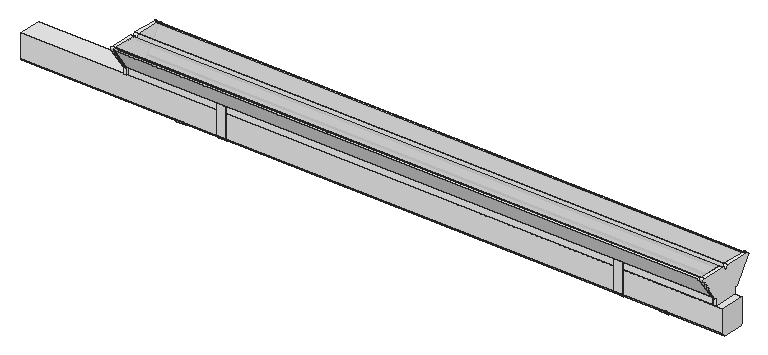
Revit family "0042291 Lighting Fixture_Sylvania_HSX Syl-Line_Surface Mounted", category Lighting Fixtures, host Face, Revit 2017
Family settings
  Host = Face
  Round Connector Dimension = Use Diameter
  Part Type = Normal
  OmniClass Number = 23.80.70.11.17
  OmniClass Title = Specialized Lighting by Location or Use
  Cut with Voids When Loaded = No
  Light Source = Yes
  Shared = No
  Room Calculation Point = No
Parameters (values of type "HSXSYL  LED NW 1-10V 1720 EM WB")
  Width = 164.0 mm
  Weight = 6.50 kg
  Wattage = 10.4516 W
  built-in parameter 1150110 = 1 (stored number, unit not read)
  Voltage Comments = "UNV (Universal Voltage; 220-240 Volt)"  # constant formula
  Voltage = 230 V  # constant formula
  URL = "http://www.sylvania-lighting.com"
  Trucking Material = Steel_Sylvania_HSX Syl-Line_White
  built-in parameter 1114217 = 1 (stored number, unit not read)
  Tilt Angle = -90.00°
  built-in parameter 1150109 = 1 (stored number, unit not read)
  built-in parameter 1150134 = 12
  Ta Rating = "-10°C to +25°C"  # constant formula
  T Class Min = -10 °C
  T Class Max = 25 °C
  built-in parameter 1150113 = 1 (stored number, unit not read)
  Product Page URL = "http://www.sylvania-lighting.com/product/en-int/products/0042291"
  Product Family = "HSX SYL-LINE"  # constant formula
  Photometry Comments = ""
  Photometric Web File = "0042291_HSXSYLLEDNW1-10V1720EMWB-192706.ies"
  Mounting Material = Steel_Sylvania_HSX Syl-Line_White
  Line End Right = 20.0 mm
  Line End Left = 300.0 mm
  Life = "50 000h"  # constant formula
  Length = 1720.0 mm
  LOR = "100%"
  Inrush Current (max. quantity per 16A C breaker) = "10"
  IP Rating = "IP20"  # constant formula
  IK Rating = "IK02"  # constant formula
  Height = 167.5 mm
  Glow Wire Test = 650 °C  # constant formula
  Emit from Line Length = Length - 20.0 mm  # 1700.0 mm
  Electrical Protection = "CLASS I"  # constant formula
  Drive Current = "350mA"
  built-in parameter 1114216 [instance] = 1 (stored number, unit not read)
  Cap Material = Plastic_Sylvania_HSX Syl-Line_White
  Model = "HSXSYL  LED NW 1-10V 1720 EM WB"
  Manufacturer = "Feilo Sylvania"
  built-in parameter 1150105 = 341.47 (stored number, unit not read)
  Lumens = 972 lm
  built-in parameter 1150115 = 1 (stored number, unit not read)
  built-in parameter 1150137 = (empty or 0)
  built-in parameter 1150139 = (empty or 0)
  built-in parameter 1150112 = 1 (stored number, unit not read)
  built-in parameter 1150114 = 1 (stored number, unit not read)
  Lamp = "Integrated LED"
  built-in parameter 1150132 = 2
  built-in parameter 1150102 = (empty or 0)
  built-in parameter 1150107 = 4000 (stored number, unit not read)
  built-in parameter 1150138 = (empty or 0)
  built-in parameter 1150106 = 3.4147 (stored number, unit not read)
  CRI (Ra) = ">80"
  Bracket Width = Width - 93.4 mm  # 70.6 mm
  Bracket Height = Height - 73.5 mm  # 94.0 mm
  Body Material = Plastic_Sylvania_HSX Syl-Line_White
  built-in parameter 1150104 = 8.64 (stored number, unit not read)
  Dimming Lamp Color Temperature Shift = <None>
  Diffuser Material = Polycarbonate_Sylvania_HSX Syl-Line_4000K
  Description = "72W and 75W LED surface and suspended luminaires HSX Syl-Line is perfect for retail, industry, manufacturing, airports or data centres Extended offering of alternative optics for Syl-Line trunking Available with a white sheet steel reflector and a PMMA Diffuser Available in 1,720mm (same length as standard Syl-Line gear trays and trunking) High performance: delivers 6,660lm (luminaire lumen output on 72W version), equating to 93lm/W (total system efficiency) Available in neutral white (4,000K) Integrated LED solution that has the same aesthetics as the fluorescent version (non dotting) Energy efficient electronic gear including Analogue 1-10V dimmable, DALI dimmable and 3 hour emergency versions as standard Ease of installation through the plug connector Innovative clip design allows quick and simple installation of the electrical unit (average installation time of the gear tray at just over a minute) Energy class: A++, A+, A Long lifetime: 50,000 hours life at 70% of the original output L70"  # constant formula
  Default Elevation = 0.0 mm
  Color Filter = 16777215
  Catalog Number = "0042291 HSXSYL  LED NW 1-10V 1720 EM WB"
  built-in parameter 1140040 [instance] = 1
  built-in parameter 1114218 = 1 (stored number, unit not read)
  built-in parameter 1150133 = 10 (stored number, unit not read)
  Assembly Code = "D5020200"
  Apparent Load = 75 VA
Reference planes
  plane 1 "Center (Front/Back)": y = 0
  plane 2 "Trucking Top": z = 6
  plane 3 "Center (Left/Right)": x = 0
  plane 4 "Fixture Bottom": z = 167.5
  plane 5: y = 34.283
  plane 6: y = -34.283
  plane 7 "Fixture Left": x = -860
  plane 8 "Fixture Right": x = 860
  plane 9: x = 850
  plane 10: x = -850
  plane 11: y = -82
  plane 12: y = 82
  plane 13: z = 155
  plane 14: z = 99
  plane 15 "Trucking Bottom": z = 78.5
  plane 16: y = 38.283
  plane 17: y = -38.283
  plane 18: z = 160.539
  plane 19: y = 7.5
  plane 20: y = -7.5
  plane 21: x = -1160
  plane 22: x = 880
  plane 23: x = 588
  plane 24: x = -588
  plane 25: x = 713
  plane 26: x = -713
  plane 27 "Fixture Top": z = 0
Forms (mm)
  Extrusion 1, solid, material "Plastic_Sylvania_HSX Syl-Line_White" <- "Cap Material", detail levels fine
    sketch origin (0, 0, 0) x (0, 1, 0) y (0, 0, 1)
      loop
        line (38.283, 99) -> (81.006, 161.276)
        arc (81.006, 161.276) -> (81.229, 165.38) -> (77.707, 167.5) r 3.986
        line (77.707, 167.5) -> (7.5, 167.5) -> (0, 155) -> (-7.5, 167.5) -> (-77.707, 167.5)
        arc (-77.707, 167.5) -> (-81.229, 165.38) -> (-81.006, 161.276) r 3.986
        line (-81.006, 161.276) -> (-38.283, 99) -> (-34.283, 99) -> (-34.283, 78.5) -> (34.283, 78.5) -> (34.283, 99) -> (38.283, 99)
    from 850 to 860
  Extrusion 2, solid, material "Plastic_Sylvania_HSX Syl-Line_White" <- "Cap Material", detail levels fine
    sketch origin (0, 0, 0) x (0, 1, 0) y (0, 0, 1)
      loop
        line (38.283, 99) -> (81.006, 161.276)
        arc (81.006, 161.276) -> (81.229, 165.38) -> (77.707, 167.5) r 3.986
        line (77.707, 167.5) -> (7.5, 167.5) -> (0, 155) -> (-7.5, 167.5) -> (-77.707, 167.5)
        arc (-77.707, 167.5) -> (-81.229, 165.38) -> (-81.006, 161.276) r 3.986
        line (-81.006, 161.276) -> (-38.283, 99) -> (-34.283, 99) -> (-34.283, 78.5) -> (34.283, 78.5) -> (34.283, 99) -> (38.283, 99)
    from -860 to -850
  Extrusion 3, solid, material "Plastic_Sylvania_HSX Syl-Line_White" <- "Body Material", detail levels coarse+medium
    sketch origin (0, 0, 0) x (0, 1, 0) y (0, 0, 1)
      loop
        line (38.283, 99) -> (81.006, 161.276)
        arc (81.006, 161.276) -> (81.229, 165.38) -> (77.707, 167.5) r 3.986
        line (77.707, 167.5) -> (7.5, 167.5) -> (0, 155) -> (-7.5, 167.5) -> (-77.707, 167.5)
        arc (-77.707, 167.5) -> (-81.229, 165.38) -> (-81.006, 161.276) r 3.986
        line (-81.006, 161.276) -> (-38.283, 99) -> (-34.283, 99) -> (-34.283, 78.5) -> (34.283, 78.5) -> (34.283, 99) -> (38.283, 99)
    from -860 to 850
  Extrusion 4, solid, material "Plastic_Sylvania_HSX Syl-Line_White" <- "Body Material", detail levels fine
    sketch origin (0, 0, 0) x (0, 1, 0) y (0, 0, 1)
      loop
        line (37.757, 100) -> (80.18, 161.839)
        arc (80.18, 161.839) -> (80.345, 164.913) -> (77.707, 166.5) r 2.986
        line (77.707, 166.5) -> (74, 166.5) -> (74, 165.5) -> (77.707, 165.5)
        arc (77.707, 165.5) -> (79.461, 164.446) -> (79.353, 162.402) r 1.986
        line (79.353, 162.402) -> (37.23, 101) -> (32.283, 101) -> (32.283, 79.5) -> (-32.283, 79.5) -> (-32.283, 101) -> (-37.23, 101) -> (-79.353, 162.402)
        arc (-79.353, 162.402) -> (-79.461, 164.446) -> (-77.707, 165.5) r 1.986
        line (-77.707, 165.5) -> (-74, 165.5) -> (-74, 166.5) -> (-77.707, 166.5)
        arc (-77.707, 166.5) -> (-80.345, 164.913) -> (-80.18, 161.839) r 2.986
        line (-80.18, 161.839) -> (-37.757, 100) -> (-33.283, 100) -> (-33.283, 78.5) -> (33.283, 78.5) -> (33.283, 100) -> (37.757, 100)
    from -850 to 850
  Extrusion 5, solid, material "Polycarbonate_Sylvania_HSX Syl-Line_4000K" <- "Diffuser Material", detail levels fine
    sketch origin (0, 0, 0) x (0, 1, 0) y (0, 0, 1)
      loop
        line (74, 166.5) -> (8.066, 166.5) -> (0, 153.056) -> (-8.066, 166.5) -> (-74, 166.5) -> (-74, 165.5) -> (-8.632, 165.5) -> (0, 151.113) -> (8.632, 165.5) -> (74, 165.5) -> (74, 166.5)
    from -850 to 850
  Extrusion 6, solid, material "Steel_Sylvania_HSX Syl-Line_White" <- "Trucking Material"
    sketch origin (0, 0, 0) x (0, 1, 0) y (0, 0, 1)
      loop
        line (34.283, 12) -> (34.283, 78.5) -> (-34.283, 78.5) -> (-34.283, 12) -> (-28.283, 6) -> (28.283, 6) -> (34.283, 12)
    from -1160 to 880
Dimensions and locks
  equal spacing: plane 7 "Fixture Left", plane 3 "Center (Left/Right)", plane 8 "Fixture Right"
  "Length": plane 7 "Fixture Left" to plane 8 "Fixture Right"
  locked: plane 7 "Fixture Left" to plane 10 at 10
  locked: plane 9 to plane 8 "Fixture Right" at 10
  equal spacing: plane 12, plane 1 "Center (Front/Back)", plane 11
  "Width": plane 12 to plane 11
  "Height": host face to plane 4 "Fixture Bottom"
  locked: level to plane 2 "Trucking Top" at 6
  plane 15 "Trucking Bottom" to plane 14 to plane 13 to plane 18 to plane 4 "Fixture Bottom" = 20.5 mm locked, 56.0 mm locked, 5.539 mm locked, 6.961 mm locked
  plane 12 to plane 16 to plane 5 to plane 19 = 43.717 mm locked, 4.0 mm locked, 26.783 mm locked
  plane 11 to plane 17 to plane 6 to plane 20 = 43.717 mm locked, 4.0 mm locked, 26.783 mm locked
  locked: Extrusion 5 sketch curve to plane 11 at 8
  locked: plane 12 to Extrusion 5 sketch curve at 8
  locked: Extrusion 4 sketch curve to plane 11 at 8
  locked: plane 12 to Extrusion 4 sketch curve at 8
  locked: Extrusion 6 sketch curve to plane 2 "Trucking Top" at 6  (x2)
  locked: Extrusion 6 sketch curve to plane 6 at 6
  locked: plane 5 to Extrusion 6 sketch curve at 6
  "Line End Left": plane 21 to plane 7 "Fixture Left"
  "Line End Right": plane 8 "Fixture Right" to plane 22
  plane 23 to plane 25 to plane 9 = 125.0 mm locked, 137.0 mm locked
  plane 10 to plane 26 to plane 24 = 137.0 mm locked, 125.0 mm locked
  aligned and locked: level to host face
  aligned and locked: imposter light to plane 1 "Center (Front/Back)"
  aligned and locked: plane 3 "Center (Left/Right)" to imposter light
  aligned and locked: imposter light to plane 4 "Fixture Bottom"
  aligned and locked: plane 14 to Extrusion 1 sketch curve
  aligned and locked: plane 16 to Extrusion 1 sketch curve
  aligned and locked: plane 15 "Trucking Bottom" to Extrusion 1 sketch curve
  aligned and locked: plane 5 to Extrusion 1 sketch curve
  aligned and locked: plane 6 to Extrusion 1 sketch curve
  aligned and locked: Extrusion 1 sketch curve to plane 14
  aligned and locked: plane 1 "Center (Front/Back)" to Extrusion 1 sketch curve
  aligned and locked: plane 13 to Extrusion 1 sketch curve
  aligned and locked: plane 4 "Fixture Bottom" to Extrusion 1 sketch curve  (x2)
  aligned and locked: plane 19 to Extrusion 1 sketch curve
  aligned and locked: plane 20 to Extrusion 1 sketch curve
  aligned and locked: Extrusion 1 to plane 8 "Fixture Right"
  aligned and locked: plane 9 to Extrusion 1
  aligned and locked: Extrusion 2 to plane 7 "Fixture Left"
  aligned and locked: plane 10 to Extrusion 2
  aligned and locked: Extrusion 3 to plane 7 "Fixture Left"
  aligned and locked: plane 15 "Trucking Bottom" to Extrusion 4 sketch curve
  aligned and locked: Extrusion 4 to plane 9
  aligned and locked: Extrusion 4 to plane 10
  aligned and locked: plane 5 to Extrusion 6 sketch curve
  aligned and locked: plane 6 to Extrusion 6 sketch curve
  aligned and locked: plane 2 "Trucking Top" to Extrusion 6 sketch curve
  aligned and locked: plane 15 "Trucking Bottom" to Extrusion 6 sketch curve
  aligned and locked: Extrusion 6 to plane 21
  aligned and locked: Extrusion 6 to plane 22
  aligned and locked: plane 1 "Center (Front/Back)" to nested 1
  aligned and locked: nested 1 to plane 14
  aligned and locked: plane 23 to nested 1
  aligned and locked: Extrusion 3 to plane 9
  aligned and locked: Extrusion 5 to plane 9
  aligned and locked: Extrusion 5 to plane 10
  aligned and locked: plane 24 to nested 2
  aligned and locked: nested 1 to plane 23
  aligned and locked: nested 3 to level
  aligned and locked: plane 2 "Trucking Top" to nested 2
  aligned and locked: plane 25 to nested 3
  aligned and locked: plane 26 to nested 4
Automatic sketch dimensions
  host sketch curve to host sketch curve = 2549.992 mm
  host sketch curve to host sketch curve = 1283.632 mm
  Extrusion 1 sketch curve to plane 17 = 0.0 mm
  Extrusion 1 sketch curve to plane 18 = 0.737 mm  (x2)
  Extrusion 1 sketch curve to plane 11 = 4.293 mm
  Extrusion 1 sketch curve to plane 11 = 0.994 mm
  Extrusion 1 sketch curve to plane 12 = 4.293 mm
  Extrusion 1 sketch curve to plane 12 = 0.994 mm
  plane 4 "Fixture Bottom" to Extrusion 2 sketch curve = 0.0 mm  (x2)
  plane 14 to Extrusion 2 sketch curve = 0.0 mm  (x2)
  Extrusion 2 sketch curve to plane 17 = 0.0 mm
  Extrusion 2 sketch curve to plane 6 = 0.0 mm
  Extrusion 2 sketch curve to plane 20 = 0.0 mm
  Extrusion 2 sketch curve to plane 1 "Center (Front/Back)" = 0.0 mm
  Extrusion 2 sketch curve to plane 19 = 0.0 mm
  Extrusion 2 sketch curve to plane 5 = 0.0 mm
  Extrusion 2 sketch curve to plane 16 = 0.0 mm
  plane 15 "Trucking Bottom" to Extrusion 2 sketch curve = 0.0 mm
  Extrusion 2 sketch curve to plane 13 = 0.0 mm
  Extrusion 2 sketch curve to plane 11 = 4.293 mm
  Extrusion 2 sketch curve to plane 18 = 0.737 mm  (x2)
  Extrusion 2 sketch curve to plane 11 = 0.994 mm
  Extrusion 2 sketch curve to plane 12 = 4.293 mm
  Extrusion 2 sketch curve to plane 12 = 0.994 mm
  plane 4 "Fixture Bottom" to Extrusion 3 sketch curve = 0.0 mm  (x2)
  plane 14 to Extrusion 3 sketch curve = 0.0 mm  (x2)
  Extrusion 3 sketch curve to plane 17 = 0.0 mm
  Extrusion 3 sketch curve to plane 6 = 0.0 mm
  Extrusion 3 sketch curve to plane 20 = 0.0 mm
  Extrusion 3 sketch curve to plane 1 "Center (Front/Back)" = 0.0 mm
  Extrusion 3 sketch curve to plane 19 = 0.0 mm
  Extrusion 3 sketch curve to plane 5 = 0.0 mm
  Extrusion 3 sketch curve to plane 16 = 0.0 mm
  plane 15 "Trucking Bottom" to Extrusion 3 sketch curve = 0.0 mm
  Extrusion 3 sketch curve to plane 13 = 0.0 mm
  Extrusion 3 sketch curve to plane 11 = 4.293 mm
  Extrusion 3 sketch curve to plane 18 = 0.737 mm  (x2)
  Extrusion 3 sketch curve to plane 11 = 0.994 mm
  Extrusion 3 sketch curve to plane 12 = 4.293 mm
  Extrusion 3 sketch curve to plane 12 = 0.994 mm
  Extrusion 4 sketch curve to plane 14 = 1.0 mm  (x2)
  Extrusion 4 sketch curve to plane 16 = 0.527 mm
  plane 4 "Fixture Bottom" to Extrusion 4 sketch curve = 1.0 mm  (x2)
  Extrusion 4 sketch curve to plane 17 = 0.527 mm
  plane 6 to Extrusion 4 sketch curve = 1.0 mm
  Extrusion 4 sketch curve to plane 5 = 1.0 mm
  Extrusion 4 sketch curve to plane 11 = 1.82 mm
  Extrusion 4 sketch curve to plane 18 = 1.301 mm  (x2)
  Extrusion 4 sketch curve to plane 12 = 1.82 mm
  Extrusion 4 sketch curve to Extrusion 4 sketch curve = 0.527 mm  (x2)
  Extrusion 4 sketch curve to Extrusion 4 sketch curve = 0.826 mm  (x2)
  Extrusion 4 sketch curve to Extrusion 4 sketch curve = 0.563 mm  (x2)
  Extrusion 4 sketch curve to Extrusion 4 sketch curve = 0.0 mm  (x4)
  Extrusion 4 sketch curve to Extrusion 4 sketch curve = 1.0 mm  (x4)
  Extrusion 4 sketch curve to plane 15 "Trucking Bottom" = 1.0 mm
  Extrusion 5 sketch curve to plane 1 "Center (Front/Back)" = 0.0 mm  (x2)
  plane 20 to Extrusion 5 sketch curve = 0.566 mm
  plane 20 to Extrusion 5 sketch curve = 1.132 mm
  plane 19 to Extrusion 5 sketch curve = 0.566 mm
  plane 19 to Extrusion 5 sketch curve = 1.132 mm
  plane 4 "Fixture Bottom" to Extrusion 5 sketch curve = 2.0 mm  (x2)
  Extrusion 5 sketch curve to plane 13 = 3.887 mm
  Extrusion 5 sketch curve to Extrusion 5 sketch curve = 1.944 mm
  plane 4 "Fixture Bottom" to Extrusion 5 sketch curve = 1.0 mm  (x2)
  plane 4 "Fixture Bottom" to Extrusion 4 sketch curve = 2.0 mm  (x2)
Nested families
  nested 1: "Mounting Bracket" at (563, 0, 99) x (0, -1, 0) z (0, 0, -1), type "Mounting Bracket", detail levels fine
  nested 2: "Mounting Bracket" at (-588, 0, 99) x (0, -1, 0) z (0, 0, -1), type "Mounting Bracket", detail levels fine
  nested 3: "Top Mounting Bracket" at (713, 0, 13) x (0, 1, 0) z (0, 0, -1), type "Top Mounting Bracket", detail levels fine
  nested 4: "Top Mounting Bracket" at (-688, 0, 13) x (0, 1, 0) z (0, 0, -1), type "Top Mounting Bracket", detail levels fine
Connectors
  electrical at (-1160, 0, 32.167), driven by "Voltage", driven by "Apparent Load"
    settings: on Extrusion 6, index 1, voltage 230 V, apparent load 0 VA, apparent load phase1 75 VA, apparent load phase2 0 VA, apparent load phase3 0 VA, power factor 1, load classification "Lighting", number of poles 1, system type 31, power factor state 1, is connector primary yes, connector utility no, sub classification motor no, connector description ""
Definition of nested family "Mounting Bracket"
  Parameters
    Mounting Material = none
    Length = 25.0 mm
    Height = 94.0 mm
    Width = 70.6 mm
    Default Elevation = 0.0 mm
  Reference planes
    plane 1 "Center (Front/Back)": y = 0
    plane 2: z = 0
    plane 3 "Center (Left/Right)": x = 0
    plane 4: x = -35.3
    plane 5: x = 35.3
    plane 6: y = -25
    plane 7: y = -12.5
    plane 8: z = 94
  Forms (mm)
    Extrusion 1, solid, material <- "Mounting Material"
      sketch origin (0, 0, 0) x (1, 0, 0) y (0, 0, 1)
        loop
          line (35.3, 87.5) -> (28.8, 94) -> (20.3, 94) -> (20.3, 93) -> (28.386, 93) -> (34.3, 87.086) -> (34.3, 0) -> (35.3, 0) -> (35.3, 87.5)
        loop
          line (-35.3, 87.5) -> (-35.3, 0) -> (-34.3, 0) -> (-34.3, 87.086) -> (-28.386, 93) -> (-20.3, 93) -> (-20.3, 94) -> (-28.8, 94) -> (-35.3, 87.5)
      from 0 to 25
  Dimensions and locks
    equal spacing: plane 5, plane 3 "Center (Left/Right)", plane 4
    "Width": plane 5 to plane 4
    "Length": plane 6 to plane 1 "Center (Front/Back)"
    equal spacing: plane 6, plane 7, plane 1 "Center (Front/Back)"
    "Height": plane 8 to plane 2
    locked: plane 8 to Extrusion 1 sketch curve at 1
    locked: plane 8 to Extrusion 1 sketch curve at 6.5  (x2)
    locked: Extrusion 1 sketch curve to plane 4 at 6.5
    locked: plane 5 to Extrusion 1 sketch curve at 6.5
    locked: Extrusion 1 sketch curve to plane 4 at 1
    locked: plane 5 to Extrusion 1 sketch curve at 1
    locked: Extrusion 1 sketch curve to plane 4 at 15
    locked: plane 5 to Extrusion 1 sketch curve at 15
    aligned and locked: level to plane 2
    aligned and locked: Extrusion 1 to plane 6
    aligned and locked: Extrusion 1 sketch curve to plane 8
    aligned and locked: Extrusion 1 sketch curve to plane 4
    aligned and locked: Extrusion 1 sketch curve to plane 5
  Automatic sketch dimensions
    Extrusion 1 sketch curve to level = 0.0 mm  (x2)
    plane 4 to Extrusion 1 sketch curve = 6.914 mm
    Extrusion 1 sketch curve to Extrusion 1 sketch curve = 0.414 mm  (x3)
    plane 8 to Extrusion 1 sketch curve = 0.0 mm
    Extrusion 1 sketch curve to plane 8 = 1.0 mm
Definition of nested family "Top Mounting Bracket"
  Parameters
    Mounting Material = none
    Length = 25.0 mm
    Height = 13.0 mm
    Width = 70.6 mm
    Default Elevation = 0.0 mm
  Reference planes
    plane 1 "Center (Front/Back)": y = 0
    plane 2: z = 0
    plane 3 "Center (Left/Right)": x = 0
    plane 4: x = -35.3
    plane 5: x = 35.3
    plane 6: y = -25
    plane 7: y = -12.5
    plane 8: z = 13
  Forms (mm)
    Extrusion 1, solid, material <- "Mounting Material"
      sketch origin (0, 0, 0) x (1, 0, 0) y (0, 0, 1)
        loop
          line (35.3, 1.5) -> (23.8, 13) -> (-23.8, 13) -> (-35.3, 1.5) -> (-35.3, 0) -> (-34.3, 0) -> (-34.3, 1.086) -> (-23.386, 12) -> (23.386, 12) -> (34.3, 1.086) -> (34.3, 0) -> (35.3, 0) -> (35.3, 1.5)
      from 0 to 25
  Dimensions and locks
    equal spacing: plane 5, plane 3 "Center (Left/Right)", plane 4
    "Width": plane 5 to plane 4
    "Length": plane 6 to plane 1 "Center (Front/Back)"
    equal spacing: plane 6, plane 7, plane 1 "Center (Front/Back)"
    plane 8 to Extrusion 1 sketch curve = 13.0 mm
    locked: Extrusion 1 sketch curve to plane 4 at 11.5
    locked: plane 5 to Extrusion 1 sketch curve at 11.5
    "Height": plane 8 to level
    aligned and locked: level to plane 2
    aligned and locked: Extrusion 1 to plane 6
    aligned and locked: Extrusion 1 sketch curve to plane 4
    aligned and locked: Extrusion 1 sketch curve to plane 5
    aligned and locked: Extrusion 1 sketch curve to plane 8
    aligned and locked: Extrusion 1 sketch curve to Extrusion 1 sketch curve
  Automatic sketch dimensions
    plane 4 to Extrusion 1 sketch curve = 1.0 mm
    Extrusion 1 sketch curve to Extrusion 1 sketch curve = 0.414 mm  (x4)
    Extrusion 1 sketch curve to plane 5 = 1.0 mm
    Extrusion 1 sketch curve to Extrusion 1 sketch curve = 1.086 mm
    Extrusion 1 sketch curve to plane 8 = 1.0 mm
    Extrusion 1 sketch curve to plane 8 = 11.914 mm
